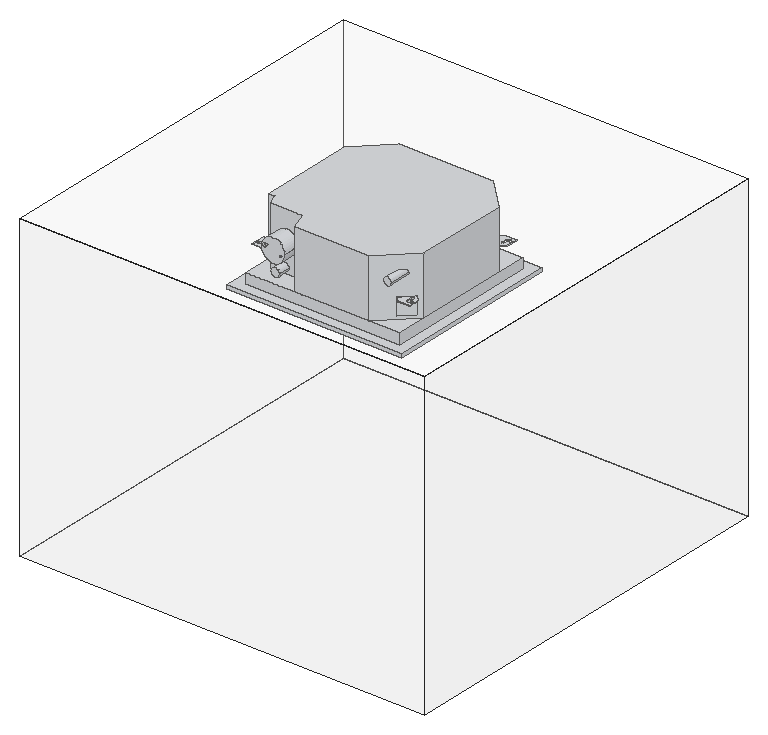
Revit family "pl-rp28_80ga4_50Hz", category 機械設備, Revit 2019
Family settings
  丸型コネクタ寸法 = 直径を使用
  パーツ タイプ = 標準
  OmniClass 番号 = 23.75.10.24.21.27.27
  OmniClass タイトル = Split System Air Conditioning Units
  作業面ベース = いいえ
  常に垂直 = はい
  ロード時にボイドで切り取り = いいえ
  共有 = いいえ
  部屋計算ポイント = はい
Parameters (values of type "天井4方向_PL-RP71GA4")
  風量（静）（m3／min） = 11
  風量（強）（m3／min） = 15
  風量（弱）（m3／min） = 12
  風量（中）（m3／min） = 13.5
  風量 = MAX風量  # 900.0 m³/h
  音響パワーレベル（弱）(dB) = 53
  音響パワーレベル（中2）(dB) = 54
  音響パワーレベル（中1）(dB) = 56
  音響パワーレベル(dB) = 58
  電源種別 = ""
  電源_H = 0 mm
  電圧_電気ヒーター = 0 V
  電圧 = 200 V
  電動機出力_送風機 = 0.05 kW
  運転質量 = 0.00 kg
  連動 = ""
  質量 = if(製品質量 > 運転質量, 製品質量, 運転質量) * 1.2  # 24.72 kg
  負荷分類 = 3_ファン類
  構成品番 = "PL-RP71GA"
  ドレン管径 (外径) = 32 mm
  ドレン管径 = 25 mm
  サービススペース = yes
  URL = "https://www.mitsubishielectric.co.jp/ldg/wink/ssl/displayProduct.do?pid=323677"
  説明 = "店舗・事務所用パッケージエアコン(Mr.SLIM) [本体]4方向天井カセット形<コンパクトタイプ>"
  設計暖房能力 = 0.00 kW
  設計冷房能力_顕熱 = 0 kW
  設計冷房能力 = 0 kW
  設置方法 = "カセット形"
  記号 = ""
  製造元 = "三菱電機株式会社"
  製品質量 = 20.60 kg
  製品出荷対象 = "国内"
  製品リリース年月 = "2022/10/11"
  製品グループ = ""
  系統 = ""
  符号 = "PAC-CK4"
  積算_科目 = "1 空気調和設備"
  積算_拾い区分 [instance] = ""
  相 = 1
  盤記号 = ""
  発停方法 = "付属スイッチ"
  特殊仕様 = ""
  火災停止 = ""
  消費電力_電気ヒーター = 0.00 kW
  消費電力_暖房 = 0.04 kW
  消費電力_加湿器 = 0.00 kW
  消費電力_冷房 = 0.04 kW
  消費電力 = if(消費電力_冷房 > 消費電力_暖房, 消費電力_冷房, 消費電力_暖房) + 消費電力_加湿器 + 消費電力_電気ヒーター  # 0.04 kW
  法定耐用年数 = "6"
  極数 = 1
  材質 = ""
  本体マテリアル = none
  有効加湿量 = 0
  暖房能力 = 7.00 kW
  推奨ブレーカー容量 = 0 A
  形式_加湿器 = ""
  形式 = "カセット形（4方向吹出形）"
  幹線記号 = ""
  始動方式 = "直入"
  呼称 = "パッケージ形空気調和機_室内機"
  周波数 = 50 Hz
  吊り位置Y = 507 mm
  吊り位置X = 640 mm
  吊りボルト_H = 134 mm
  台数_手元リモコン = ""
  台数_冷媒分岐ユニット = ""
  参照している仕様書等のバージョン = "公共建築工事標準仕様書（機械設備工事編）平成31年度版"
  加湿給水管径 = 0 mm
  分類コード = "50053003123030"
  分類グループ = ""
  冷房能力 = 6.3 kW
  冷媒高低圧ガス管径 = 0 mm
  冷媒管径符号 = "Bd"
  冷媒管径 = 100 mm
  冷媒液管高さ = 159 mm
  冷媒液管長さ = 75 mm
  冷媒液管径 = 9.5 mm
  冷媒ガス管高さ = 183 mm
  冷媒ガス管長さ = 80 mm
  冷媒ガス管径 = 15.9 mm
  企業コード = "108420"
  付属品_フィルター = ""
  付属品 = ""
  仕様書バージョン = "Version1.0"
  Model = ""
  パネルマテリアル = none
  ドレン管高さ = 227 mm
  コメント [instance] = ""
  ケーブル種類 = ""
  ケーブルサイズ = 0 mm
  Width = 670 mm
  Version = ""
  Uniclass2015Version = "Systems v1.9"
  Uniclass2015Title = "Split coil remote air cooled condensing units"
  Uniclass2015Code = "Pr_70_65_03_84"
  SpecificationReference = ""
  SpecificationDescription = ""
  Revision = ""
  ProductInformation = ""
  Panel Width = 760 mm
  Panel Height = 15 mm
  Panel Depth = 760 mm
  OmniClassCode = "23-33 17 13 11"
  MIN風量 = 風量（静）（m3／min） * 60.0 m³/h  # 660.0 m³/h
  MID風量2 = 風量（弱）（m3／min） * 60.0 m³/h  # 720.0 m³/h
  MID風量 = 風量（中）（m3／min） * 60.0 m³/h  # 810.0 m³/h
  MAX風量 = 風量（強）（m3／min） * 60.0 m³/h  # 900.0 m³/h
  IfcTypeProduct = ""
  IfcProduct = ""
  IfcExportType = "AIRCONDITIONINGUNIT"
  IfcExportAs = "IfcUnitaryEquipmentType"
  Height = 298 mm
  Depth = 670 mm
  価格 = 319000
  Clearance Top = 305 mm
  Clearance Right = 500 mm
  Clearance Left = 500 mm
  Clearance Front = 500 mm
  Clearance Bottom = 1000 mm
  Clearance Back = 500 mm
  Author = "三菱電機株式会社"
Types (8, lengths in mm): name | 風量（静）（m3／min） | 風量（強）（m3／min） | 風量（弱）（m3／min） | 風量（中）（m3／min） | 風量 | 音響パワーレベル（弱）(dB) | 音響パワーレベル（中2）(dB) | 音響パワーレベル（中1）(dB) | 音響パワーレベル(dB) | 構成品番 | URL | 消費電力_暖房 | 消費電力_冷房 | 消費電力 | 暖房能力 | 冷房能力 | 冷媒管径符号 | 冷媒液管長さ | 冷媒液管径 | 冷媒ガス管長さ | 冷媒ガス管径 | MIN風量 | MID風量2 | MID風量 | MAX風量 | 価格
  天井4方向_PL-RP28GA4 | 6.3 | 8.7 | 7.1 | 7.8 | 522.0 m³/h | 47 | 48 | 49 | 50 | "PL-RP28GA" | "https://www.mitsubishielectric.co.jp/ldg/wink/ssl/displayProduct.do?pid=323647" | 0.03 kW | 0.03 kW | 0.03 kW | 2.80 kW | 2.5 kW | "Ac" | 71 | 6.4 | 76 | 12.7 | 378.0 m³/h | 426.0 m³/h | 468.0 m³/h | 522.0 m³/h | 269000
  天井4方向_PL-RP40GA4 | 8.5 | 12 | 9 | 9.5 | 720.0 m³/h | 48 | 49 | 51 | 53 | "PL-RP40GA" | "https://www.mitsubishielectric.co.jp/ldg/wink/ssl/displayProduct.do?pid=323673" | 0.03 kW | 0.03 kW | 0.03 kW | 4.00 kW | 3.6 kW | "Ac" | 71 | 6.4 | 76 | 12.7 | 510.0 m³/h | 540.0 m³/h | 570.0 m³/h | 720.0 m³/h | 277000
  天井4方向_PL-RP45GA4 | 8.5 | 12 | 9 | 9.5 | 720.0 m³/h | 48 | 49 | 51 | 53 | "PL-RP45GA" | "https://www.mitsubishielectric.co.jp/ldg/wink/ssl/displayProduct.do?pid=323674" | 0.03 kW | 0.03 kW | 0.03 kW | 4.50 kW | 4 kW | "Ac" | 71 | 6.4 | 76 | 12.7 | 510.0 m³/h | 540.0 m³/h | 570.0 m³/h | 720.0 m³/h | 280000
  天井4方向_PL-RP50GA4 | 9.5 | 12.5 | 10 | 12 | 750.0 m³/h | 49 | 50 | 53 | 54 | "PL-RP50GA" | "https://www.mitsubishielectric.co.jp/ldg/wink/ssl/displayProduct.do?pid=323675" | 0.03 kW | 0.03 kW | 0.03 kW | 5.00 kW | 4.5 kW | "Ac" | 71 | 6.4 | 76 | 12.7 | 570.0 m³/h | 600.0 m³/h | 720.0 m³/h | 750.0 m³/h | 290000
  天井4方向_PL-RP56GA4 | 9.5 | 14 | 10 | 12.5 | 840.0 m³/h | 49 | 50 | 54 | 56 | "PL-RP56GA" | "https://www.mitsubishielectric.co.jp/ldg/wink/ssl/displayProduct.do?pid=323676" | 0.03 kW | 0.03 kW | 0.03 kW | 5.60 kW | 5 kW | "Ac" | 71 | 6.4 | 76 | 12.7 | 570.0 m³/h | 600.0 m³/h | 750.0 m³/h | 840.0 m³/h | 312000
  天井4方向_PL-RP63GA4 | 10 | 14.5 | 11.5 | 13 | 870.0 m³/h | 50 | 53 | 55 | 57 | "PL-RP63GA" | "https://www.mitsubishielectric.co.jp/ldg/wink/ssl/displayProduct.do?pid=323648" | 0.04 kW | 0.04 kW | 0.04 kW | 6.30 kW | 5.6 kW | "Ac" | 71 | 6.4 | 76 | 12.7 | 600.0 m³/h | 690.0 m³/h | 780.0 m³/h | 870.0 m³/h | 314000
  天井4方向_PL-RP71GA4 | 11 | 15 | 12 | 13.5 | 900.0 m³/h | 53 | 54 | 56 | 58 | "PL-RP71GA" | "https://www.mitsubishielectric.co.jp/ldg/wink/ssl/displayProduct.do?pid=323677" | 0.04 kW | 0.04 kW | 0.04 kW | 7.00 kW | 6.3 kW | "Bd" | 75 | 9.5 | 80 | 15.9 | 660.0 m³/h | 720.0 m³/h | 810.0 m³/h | 900.0 m³/h | 319000
  天井4方向_PL-RP80GA4 | 11 | 15 | 12 | 13.5 | 900.0 m³/h | 53 | 54 | 56 | 58 | "PL-RP80GA" | "https://www.mitsubishielectric.co.jp/ldg/wink/ssl/displayProduct.do?pid=323678" | 0.04 kW | 0.04 kW | 0.04 kW | 8.00 kW | 7.1 kW | "Bd" | 75 | 9.5 | 80 | 15.9 | 660.0 m³/h | 720.0 m³/h | 810.0 m³/h | 900.0 m³/h | 345000
Reference planes
  plane 1 "中心(正面/背面)": y = 0
  plane 2: z = 0
  plane 3 "中心(左/右)": x = 0
  plane 4: x = -380
  plane 5: x = 380
  plane 6: y = 380
  plane 7: y = -380
  plane 8: z = 298
  plane 9: z = 305
  plane 10: x = -320
  plane 11: x = 320
  plane 12: y = 253.5
  plane 13: y = -253.5
  plane 14: z = 46
  plane 15: y = 335
  plane 16: y = -335
  plane 17: x = -335
  plane 18: x = 335
  plane 19: x = -880
  plane 20: x = 880
  plane 21: y = 880
  plane 22: y = -880
  plane 23: z = 298
  plane 24: z = -15
  plane 25: z = -1015
  plane 26: z = 305
  plane 27 "冷媒管基準面": y = -255
  plane 28: x = -186
  plane 29: z = 159
  plane 30: y = -335
  plane 31: y = -330
Forms (mm)
  Extrusion 1, solid, detail levels fine
    sketch origin (0, -255, 15) x (1, 0, 0) y (0, 0, 1)
      loop
        circle (-186, 144) r 3.175
    from 0 to 75
  Extrusion 2, solid, detail levels fine
    sketch origin (-67, -255, 39) x (1, 0, 0) y (0, 0, 1)
      loop
        circle (-186, 144) r 6.35
    from 0 to 80
Dimensions and locks
  equal spacing: plane 4, plane 3 "中心(左/右)", plane 5
  plane 4 to plane 5 = 760 mm
  equal spacing: plane 7, plane 1 "中心(正面/背面)", plane 6
  plane 7 to plane 6 = 760 mm
  locked: plane 12 to plane 6 at 126.5
  plane 7 to plane 13 = 126.5 mm
  plane 4 to plane 10 = 60 mm
  locked: plane 11 to plane 5 at 60
  "吊り位置X": plane 10 to plane 11
  equal spacing: plane 10, plane 3 "中心(左/右)", plane 11
  equal spacing: plane 13, plane 1 "中心(正面/背面)", plane 12
  "吊り位置Y": plane 13 to plane 12
  equal spacing: plane 16, plane 1 "中心(正面/背面)", plane 15
  "Depth": plane 16 to plane 15
  equal spacing: plane 17, plane 3 "中心(左/右)", plane 18
  "Width": plane 17 to plane 18
  locked: plane 14 to level at 46
  "Clearance Left": plane 19 to plane 4
  "Clearance Right": plane 5 to plane 20
  "Clearance Back": plane 6 to plane 21
  locked: level to plane 24 at 15
  "Clearance Bottom": plane 24 to plane 25
  "Clearance Front": plane 22 to plane 7
  "Clearance Top": plane 26 to plane 2
  "Height": level to nested 3
  plane 29 to plane 2 = 159 mm
  nested 3 to level = 134 mm
  "冷媒液管長さ": plane 31 to plane 27 "冷媒管基準面"
  "冷媒ガス管長さ": plane 30 to plane 27 "冷媒管基準面"
  aligned and locked: level to plane 2
  aligned and locked: plane 10 to nested 2
  aligned and locked: plane 11 to nested 2
  aligned and locked: nested 2 to plane 12
  aligned and locked: plane 13 to nested 2
  aligned and locked: plane 19 to nested 1
  aligned and locked: plane 20 to nested 1
  aligned and locked: plane 22 to nested 1
  aligned and locked: plane 21 to nested 1
  aligned and locked: plane 25 to nested 1
  aligned and locked: plane 5 to nested 3
  aligned and locked: plane 15 to nested 3
  aligned and locked: plane 6 to nested 3
  aligned and locked: plane 7 to nested 3
  aligned and locked: plane 26 to nested 1
  aligned and locked: plane 31 to Extrusion 1
  aligned and locked: plane 30 to Extrusion 2
Automatic sketch dimensions
  Extrusion 1 sketch curve to plane 28 = 0 mm
  Extrusion 1 sketch curve to plane 29 = 0 mm
  plane 29 to Extrusion 2 sketch curve = 24 mm
  plane 10 to Extrusion 2 sketch curve = 67 mm
  radius of Extrusion 1 sketch curve = 3.175 mm
  radius of Extrusion 2 sketch curve = 6.35 mm
Nested families
  nested 1: "サービススペース" at (0, 0, -355), visible <- "サービススペース", type "サービススペース"
    with Width 1760 mm, Height 1320 mm, Depth 1760 mm
  nested 2: "固定点" at (-320, -253.5, 0), type "固定点"
    with W 640 mm, D 507 mm
  nested 3: "PL-RP○○GA3" at (0, 0, 0), type "PL-RP○○GA3"
    with ユニット表示 yes, 液配管サイズ 9.5 mm, 冷媒液管径-Y 75 mm, 冷媒ガス管径-Y 80 mm, ガス配管サイズ 15.9 mm
Connectors
  piping at (-219.5, -330, 171), diameter 100, driven by "冷媒管径", driven by "冷媒管径符号"
    settings: on nested 3, index 1, connector inside diameter 609.6 mm, connector length 0 mm, flow factor 0, pipe flow 0.0 L/s, pressure drop 0.0 Pa, fitting loss kfactor 0, connector angle 0.00°, fixture units 0, engagement length 0 mm, angle of deflection 0.00°, flow configuration 1, flow direction 1, fitting loss method 4, system type 7, joint type 0, gender type 0, connector reference index -1, connector utility 0, adjustable connector no, is connector primary yes, connector description "Bd"
  piping at (281, -332, 227), diameter 25, driven by "ドレン管径"
    settings: on nested 3, index 2, connector inside diameter 609.6 mm, connector length 0 mm, flow factor 0, pipe flow 0.0 L/s, pressure drop 0.0 Pa, fitting loss kfactor 0, connector angle 0.00°, fixture units 0, engagement length 0 mm, angle of deflection 0.00°, flow configuration 1, flow direction 2, fitting loss method 4, system type 16, joint type 0, gender type 0, connector reference index -1, connector utility 0, adjustable connector no, is connector primary no, connector description ""
  electrical at (-230, -305, 70), driven by "極数", driven by "負荷分類", driven by "電圧", driven by "消費電力"
    settings: on nested 3, index 3, voltage 200 V, apparent load 40 VA, apparent load phase1 0 VA, apparent load phase2 0 VA, apparent load phase3 0 VA, power factor 1, load classification "3_ファン類", number of poles 1, system type 30, power factor state 1, is connector primary yes, connector utility no, sub classification motor no, connector description ""
Definition of nested family "サービススペース"
  Parameters (values of type "サービススペース")
    Width [instance] = 500 mm
    Height [instance] = 500 mm
    Depth [instance] = 500 mm
  Reference planes
    plane 1 "中心(正面/背面)": y = 0
    plane 2: z = 0
    plane 3 "中心(左/右)": x = 0
    plane 4: y = -250
    plane 5: x = 250
    plane 6: y = 250
    plane 7: x = -250
    plane 8: z = 250
    plane 9: z = -250
  Forms (mm)
    Extrusion 1, solid
      sketch origin (-638.939, 0, 72.39) x (1, 0, 0) y (0, 1, 0)
        loop
          line (388.939, 250) -> (388.939, -250) -> (888.939, -250) -> (888.939, 250) -> (388.939, 250)
      from -322.39 to 177.61
  Lines and regions (mm)
    symbolic lines
      curve 1: line (-250, 0, 250) -> (250, 0, 250)
      curve 2: line (-250, 0, -250) -> (-250, 0, 250)
      curve 3: line (250, 0, -250) -> (-250, 0, -250)
      curve 4: line (250, 0, 250) -> (250, 0, -250)
      curve 5: line (0, -250, 250) -> (0, 250, 250)
      curve 6: line (0, -250, -250) -> (0, -250, 250)
      curve 7: line (0, 250, -250) -> (0, -250, -250)
      curve 8: line (0, 250, 250) -> (0, 250, -250)
      curve 9: line (-250, 250, 0) -> (250, 250, 0)
      curve 10: line (-250, -250, 0) -> (-250, 250, 0)
      curve 11: line (250, -250, 0) -> (-250, -250, 0)
      curve 12: line (250, 250, 0) -> (250, -250, 0)
  Dimensions and locks
    equal spacing: plane 7, plane 3 "中心(左/右)", plane 5
    equal spacing: plane 4, plane 1 "中心(正面/背面)", plane 6
    "Depth": plane 4 to plane 6
    "Width": plane 7 to plane 5
    equal spacing: plane 8, plane 2, plane 9
    "Height": plane 8 to plane 9
    aligned and locked: plane 9 to curve 3
    aligned and locked: plane 7 to curve 2
    aligned and locked: curve 4 to plane 5
    aligned and locked: plane 5 to Extrusion 1
    aligned and locked: Extrusion 1 to plane 7
    aligned and locked: Extrusion 1 to plane 9
    aligned and locked: plane 8 to Extrusion 1
    aligned and locked: plane 9 to curve 7
  Automatic sketch dimensions
    plane 4 to Extrusion 1 sketch curve = 0 mm
    Extrusion 1 sketch curve to plane 7 = 0 mm
    Extrusion 1 sketch curve to plane 5 = 0 mm
    plane 6 to Extrusion 1 sketch curve = 0 mm
    curve 2 to plane 8 = 0 mm
    plane 4 to curve 11 = 0 mm
    curve 11 to plane 7 = 0 mm
    curve 11 to plane 5 = 0 mm
    plane 6 to curve 10 = 0 mm
    curve 7 to plane 4 = 0 mm
    curve 7 to plane 6 = 0 mm
    curve 6 to plane 8 = 0 mm
Definition of nested family "PL-RP○○GA3"
  Parameters (values of type "PL-RP○○GA3")
    配線取出口サイズ = 36 mm
    配線取出口-Z = 70 mm
    配線取出口-Y = 50 mm
    配線取出口-X = 230 mm
    液配管サイズ = 6.4 mm
    A = 幅さ + 90 mm  # 760 mm
    高さ = 298 mm
    奥行き = 670 mm
    吊りボルト_H = 134 mm
    冷媒配管 = 100 mm
    冷媒液管径-Z = 159 mm
    冷媒液管径-Y = 71 mm
    冷媒液管径-X = 186 mm
    冷媒ガス管径-Z = 183 mm
    冷媒ガス管径-Y = 76 mm
    冷媒ガス管径-X = 253 mm
    ユニット表示 [instance] = yes
    ボルトピッチ = 507 mm
    ドレン配管サイズ = 32 mm
    ドレン管径-Z = 227 mm
    ドレン管径-Y = 77 mm
    ドレン管径-X = 281 mm
    ガス配管サイズ = 12.7 mm
    D = 幅さ - 30 mm  # 640 mm
    幅さ = 670 mm
    B = 幅さ + 40 mm  # 710 mm
  Reference planes
    plane 1 "中心(正面/背面)": y = 0
    plane 2: z = 0
    plane 3 "中心(左/右)": x = 0
    plane 4: x = -355
    plane 5: x = 355
    plane 6: x = -335
    plane 7: x = 335
    plane 8: x = -320
    plane 9: x = 320
    plane 10: y = 253.5
    plane 11: y = -253.5
    plane 12: y = 335
    plane 13: y = -335
    plane 14: x = -380
    plane 15: x = 380
    plane 16: z = -15
    plane 17: z = 46
    plane 18: z = 298
    plane 19: z = 134
    plane 20: z = 136
    plane 21: z = 227
    plane 22: z = 159
    plane 23: z = 183
    plane 24: z = 60
    plane 25: y = 380
    plane 26: y = -380
    plane 27: x = -253
    plane 28: x = -150
    plane 29: x = -123
    plane 30: x = -186
    plane 31: x = 281
    plane 32: x = 202
    plane 33: y = -255
    plane 34: y = -207
    plane 35: y = -331
    plane 36: y = -326
    plane 37 "ドレン管接続口": y = -332
    plane 38: y = -202
    plane 39: y = 291.5
    plane 40: y = 275.5
    plane 41: y = 263.5
    plane 42: x = -326
    plane 43: x = -314
    plane 44: x = -343
    plane 45: x = 314
    plane 46: x = 326
    plane 47: x = 343
    plane 48: y = -291.5
    plane 49: y = -275.5
    plane 50: y = -263.5
    plane 51: x = -230
    plane 52: y = 202
    plane 53: x = -202
    plane 54: z = 70
    plane 55: y = -305
  Forms (mm)
    Extrusion 1, solid, visible <- "ユニット表示"
      sketch origin (0, 0, 0) x (1, 0, 0) y (0, 1, 0)
        loop
          line (-380, 380) -> (-380, -380) -> (380, -380) -> (380, 380) -> (-380, 380)
      from -15 to 0
    Extrusion 2, solid, visible <- "ユニット表示", detail levels fine
      sketch origin (0, 0, 0) x (1, 0, 0) y (0, 1, 0)
        loop
          line (-203.39, 335) -> (-335, 203.39) -> (-335, -207) -> (-309.258, -207) -> (-288.883, -255) -> (-150, -255) -> (-123.033, -335) -> (202, -335) -> (335, -202) -> (335, 203.39) -> (203.39, 335) -> (-203.39, 335)
      from 46 to 298
    Extrusion 3, solid, visible <- "ユニット表示", detail levels fine
      sketch origin (0, 0, 0) x (1, 0, 0) y (0, 1, 0)
        loop
          line (335, 335) -> (-335, 335) -> (-335, -335) -> (335, -335) -> (335, 335)
      from 0 to 46
    Extrusion 4, solid, visible <- "ユニット表示", detail levels fine
      sketch origin (0, 0, 0) x (1, 0, 0) y (0, 0, 1)
        loop
          circle (-219.5, 171) r 50
      from 255 to 326
    Extrusion 5, solid, visible <- "ユニット表示", detail levels fine
      sketch origin (0, 0, 0) x (1, 0, 0) y (0, 1, 0)
        loop
          line (-343, -291.5) -> (-300.314, -291.5) -> (-290.686, -250.751) -> (-306.998, -212.324) -> (-343, -227.606) -> (-343, -263.5) -> (-329, -263.5)
          arc (-329, -263.5) -> (-326.879, -262.621) -> (-326, -260.5) r 3
          line (-326, -260.5) -> (-326, -249.5)
          arc (-326, -249.5) -> (-320, -243.5) -> (-314, -249.5) r 6
          line (-314, -249.5) -> (-314, -269.478)
          arc (-314, -269.478) -> (-315.757, -273.721) -> (-320, -275.5) r 6
          line (-320, -275.5) -> (-343, -275.5) -> (-343, -291.5)
        loop
          line (-343, 275.5) -> (-320, 275.5)
          arc (-320, 275.5) -> (-315.757, 273.743) -> (-314, 269.5) r 6
          line (-314, 269.5) -> (-314, 249.5)
          arc (-314, 249.5) -> (-320, 243.5) -> (-326, 249.5) r 6
          line (-326, 249.5) -> (-326, 260.5)
          arc (-326, 260.5) -> (-326.879, 262.621) -> (-329, 263.5) r 3
          line (-329, 263.5) -> (-343, 263.5) -> (-343, 244.959) -> (-318.215, 220.175) -> (-270.214, 268.176) -> (-293.539, 291.5) -> (-343, 291.5) -> (-343, 275.5)
        loop
          line (343, 291.5) -> (293.539, 291.5) -> (270.214, 268.176) -> (318.215, 220.175) -> (343, 244.959) -> (343, 263.5) -> (329, 263.5)
          arc (329, 263.5) -> (326.879, 262.621) -> (326, 260.5) r 3
          line (326, 260.5) -> (326, 249.5)
          arc (326, 249.5) -> (320, 243.5) -> (314, 249.5) r 6
          line (314, 249.5) -> (314, 269.5)
          arc (314, 269.5) -> (315.757, 273.743) -> (320, 275.5) r 6
          line (320, 275.5) -> (343, 275.5) -> (343, 291.5)
        loop
          line (293.539, -291.5) -> (343, -291.5) -> (343, -275.5) -> (320, -275.5)
          arc (320, -275.5) -> (315.757, -273.743) -> (314, -269.5) r 6
          line (314, -269.5) -> (314, -249.5)
          arc (314, -249.5) -> (320, -243.5) -> (326, -249.5) r 6
          line (326, -249.5) -> (326, -260.5)
          arc (326, -260.5) -> (326.879, -262.621) -> (329, -263.5) r 3
          line (329, -263.5) -> (343, -263.5) -> (343, -244.959) -> (317.52, -219.48) -> (269.519, -267.481) -> (293.539, -291.5)
      from 134 to 136
    Extrusion 6, solid, visible <- "ユニット表示", detail levels fine
      sketch origin (0, 0, 0) x (1, 0, 0) y (0, 1, 0)
        loop
          line (-306.998, -212.324) -> (-308.839, -213.105) -> (-291.463, -254.04) -> (-289.622, -253.258) -> (-306.998, -212.324)
        loop
          line (-271.629, 269.59) -> (-319.63, 221.589) -> (-318.245, 220.204) -> (-270.244, 268.205) -> (-271.629, 269.59)
        loop
          line (271.629, 269.59) -> (270.244, 268.205) -> (318.245, 220.204) -> (319.63, 221.589) -> (271.629, 269.59)
        loop
          line (270.934, -268.895) -> (318.935, -220.894) -> (317.52, -219.48) -> (269.519, -267.481) -> (270.934, -268.895)
      from 60 to 136
    Extrusion 7, solid, visible <- "ユニット表示", detail levels fine
      sketch origin (0, 0, 0) x (1, 0, 0) y (0, 0, 1)
        loop
          circle (-230, 70) r 18
      from 255 to 305
    Extrusion 8, solid, detail levels fine
      sketch origin (0, -332, 0) x (-1, 0, 0) y (0, 0, 1)
        loop
          circle (-281, 227) r 16
      from 0 to 100
  Cuts and joins
    joined: Extrusion 5, Extrusion 6
  Dimensions and locks
    equal spacing: plane 4, plane 3 "中心(左/右)", plane 5
    "B": plane 4 to plane 5
    equal spacing: plane 6, plane 3 "中心(左/右)", plane 7
    "幅さ": plane 6 to plane 7
    equal spacing: plane 8, plane 3 "中心(左/右)", plane 9
    "D": plane 8 to plane 9
    equal spacing: plane 11, plane 1 "中心(正面/背面)", plane 10
    "ボルトピッチ": plane 10 to plane 11
    equal spacing: plane 12, plane 1 "中心(正面/背面)", plane 13
    "奥行き": plane 12 to plane 13
    "A": plane 14 to plane 15
    equal spacing: plane 14, plane 3 "中心(左/右)", plane 15
    locked: plane 2 to plane 16 at 15
    locked: plane 17 to plane 2 at 46
    "吊りボルト_H": plane 19 to level
    locked: plane 20 to plane 19 at 2
    "ドレン管径-Z": plane 21 to level
    "冷媒液管径-Z": plane 22 to level
    "冷媒ガス管径-Z": plane 23 to level
    plane 24 to level = 60 mm
    equal spacing: plane 25, plane 1 "中心(正面/背面)", plane 26
    "A": plane 25 to plane 26
    locked: plane 6 to plane 28 at 185
    locked: plane 6 to plane 29 at 212
    locked: plane 32 to plane 7 at 133
    "冷媒ガス管径-X": plane 27 to plane 3 "中心(左/右)"
    "冷媒液管径-X": plane 30 to plane 3 "中心(左/右)"
    "ドレン管径-X": plane 3 "中心(左/右)" to plane 31
    locked: plane 33 to plane 13 at 80
    locked: plane 34 to plane 13 at 128
    "冷媒ガス管径-Y": plane 33 to plane 35
    "冷媒液管径-Y": plane 33 to plane 36
    "ドレン管径-Y": plane 33 to plane 37 "ドレン管接続口"
    locked: plane 38 to plane 13 at 133
    equal spacing: plane 30, Extrusion 4 sketch curve, plane 27
    equal spacing: plane 23, Extrusion 4 sketch curve, plane 22
    locked: plane 44 to plane 8 at 23
    plane 42 to plane 8 to plane 43 = 6 mm locked, 6 mm locked
    locked: plane 9 to plane 47 at 23
    plane 45 to plane 9 to plane 46 = 6 mm locked, 6 mm locked
    plane 11 to plane 50 to plane 49 to plane 48 = 10 mm locked, 12 mm locked, 16 mm locked
    plane 39 to plane 40 to plane 41 to plane 10 = 16 mm locked, 12 mm locked, 10 mm locked
    locked: Extrusion 5 sketch curve to plane 11 at 4  (x2)
    locked: plane 10 to Extrusion 5 sketch curve at 4  (x2)
    "配線取出口-X": plane 51 to plane 3 "中心(左/右)"
    "配線取出口-Z": plane 54 to level
    "配線取出口-Y": plane 33 to plane 55
    locked: cut or joined group of Extrusion 5, Extrusion 6 to Extrusion 6 sketch curve at 2
    locked: Extrusion 6 sketch curve to Extrusion 2 at 2  (x3)
    "高さ": plane 18 to level
    "冷媒配管": diameter of Extrusion 4 sketch curve
    radius of Extrusion 5 sketch curve = 6 mm  (x8)
    radius of Extrusion 5 sketch curve = 3 mm  (x4)
    "配線取出口サイズ": diameter of Extrusion 7 sketch curve
    aligned and locked: level to plane 2
    aligned and locked: Extrusion 1 sketch curve to plane 25
    aligned and locked: plane 14 to Extrusion 1 sketch curve
    aligned and locked: plane 26 to Extrusion 1 sketch curve
    aligned and locked: Extrusion 1 sketch curve to plane 15
    aligned and locked: level to Extrusion 1
    aligned and locked: Extrusion 1 to plane 16
    aligned and locked: plane 18 to Extrusion 2
    aligned and locked: Extrusion 2 to plane 17
    aligned and locked: Extrusion 3 sketch curve to plane 7
    aligned and locked: Extrusion 3 sketch curve to plane 13
    aligned and locked: Extrusion 3 sketch curve to plane 6
    aligned and locked: Extrusion 3 sketch curve to plane 12
    aligned and locked: Extrusion 3 to level
    aligned and locked: plane 17 to Extrusion 3
    aligned and locked: plane 28 to Extrusion 2 sketch curve
    aligned and locked: plane 34 to Extrusion 2 sketch curve
    aligned and locked: Extrusion 2 sketch curve to plane 13
    aligned and locked: Extrusion 2 sketch curve to plane 7
    aligned and locked: Extrusion 2 sketch curve to plane 12
    aligned and locked: Extrusion 2 sketch curve to plane 6
    aligned and locked: plane 7 to Extrusion 2 sketch curve
    aligned and locked: plane 38 to Extrusion 2 sketch curve
    aligned and locked: plane 32 to Extrusion 2 sketch curve
    aligned and locked: plane 13 to Extrusion 2 sketch curve
    aligned and locked: plane 44 to Extrusion 5 sketch curve  (x2)
    aligned and locked: Extrusion 5 sketch curve to plane 50
    aligned and locked: plane 49 to Extrusion 5 sketch curve
    aligned and locked: Extrusion 5 sketch curve to plane 48
    aligned and locked: plane 43 to Extrusion 5 sketch curve
    aligned and locked: plane 42 to Extrusion 5 sketch curve  (x2)
    aligned and locked: Extrusion 6 to plane 24
    aligned and locked: plane 20 to Extrusion 6
    aligned and locked: plane 39 to Extrusion 5 sketch curve  (x2)
    aligned and locked: Extrusion 5 sketch curve to plane 44  (x2)
    aligned and locked: plane 41 to Extrusion 5 sketch curve  (x2)
    aligned and locked: Extrusion 5 sketch curve to plane 40  (x2)
    aligned and locked: Extrusion 5 sketch curve to plane 43
    aligned and locked: Extrusion 5 sketch curve to Extrusion 2  (x3)
    aligned and locked: plane 47 to Extrusion 5 sketch curve  (x4)
    aligned and locked: plane 45 to Extrusion 5 sketch curve  (x2)
    aligned and locked: Extrusion 5 sketch curve to plane 46  (x2)
    aligned and locked: plane 50 to Extrusion 5 sketch curve
    aligned and locked: plane 48 to Extrusion 5 sketch curve
    aligned and locked: Extrusion 5 sketch curve to plane 49
    aligned and locked: plane 51 to Extrusion 7 sketch curve
    aligned and locked: plane 54 to Extrusion 7 sketch curve
    aligned and locked: Extrusion 7 to Extrusion 2
    aligned and locked: plane 55 to Extrusion 7
    aligned and locked: cut or joined group of Extrusion 5, Extrusion 6 to cut or joined group of Extrusion 5, Extrusion 6  (x2)
    aligned and locked: Extrusion 6 sketch curve to cut or joined group of Extrusion 5, Extrusion 6  (x3)
    aligned and locked: cut or joined group of Extrusion 5, Extrusion 6 to Extrusion 6 sketch curve  (x2)
    aligned and locked: Extrusion 2 to Extrusion 6 sketch curve
    aligned and locked: cut or joined group of Extrusion 5, Extrusion 6 to plane 19
    aligned and locked: plane 20 to cut or joined group of Extrusion 5, Extrusion 6
    aligned and locked: Extrusion 4 to plane 36
  Automatic sketch dimensions
    Extrusion 2 sketch curve to plane 33 = 0 mm
    plane 43 to Extrusion 2 sketch curve = 4.742 mm
    plane 43 to Extrusion 2 sketch curve = 25.117 mm
    Extrusion 2 sketch curve to plane 30 = 17.39 mm
    Extrusion 2 sketch curve to plane 29 = 0.033 mm
    plane 32 to Extrusion 2 sketch curve = 1.39 mm
    Extrusion 2 sketch curve to plane 10 = 50.11 mm  (x2)
    Extrusion 5 sketch curve to plane 8 = 0 mm
    Extrusion 5 sketch curve to plane 8 = 13.002 mm
    Extrusion 5 sketch curve to plane 43 = 13.686 mm
    plane 50 to Extrusion 5 sketch curve = 12.749 mm
    Extrusion 5 sketch curve to Extrusion 5 sketch curve = 9.627 mm
    Extrusion 5 sketch curve to plane 50 = 5.978 mm
    plane 34 to Extrusion 5 sketch curve = 20.606 mm
    plane 8 to Extrusion 6 sketch curve = 1.755 mm
    Extrusion 6 sketch curve to plane 11 = 0.54 mm
    Extrusion 6 sketch curve to Extrusion 6 sketch curve = 1.385 mm
    Extrusion 6 sketch curve to plane 49 = 6.605 mm
    Extrusion 6 sketch curve to plane 9 = 2.48 mm
    Extrusion 6 sketch curve to Extrusion 6 sketch curve = 1.414 mm
    Extrusion 5 sketch curve to plane 8 = 1.785 mm
    Extrusion 5 sketch curve to plane 41 = 4.676 mm  (x2)
    plane 9 to Extrusion 5 sketch curve = 1.785 mm
    Extrusion 5 sketch curve to plane 50 = 3.981 mm
    plane 9 to Extrusion 5 sketch curve = 2.48 mm
    Extrusion 8 sketch curve to plane 21 = 0 mm
    Extrusion 8 sketch curve to plane 31 = 0 mm
    radius of Extrusion 8 sketch curve = 16 mm
Definition of nested family "固定点"
  Parameters (values of type "固定点")
    中心円 = 20 mm
    W [instance] = 1000 mm
    D [instance] = 1000 mm
  Reference planes
    plane 1 "中心(正面/背面)": y = 0
    plane 2: z = 0
    plane 3 "中心(左/右)": x = 0
    plane 4: x = 1000
    plane 5: y = 1000
  Lines and regions (mm)
    symbolic lines, detail levels fine
      curve 1: circle (0, 1000, 0) r 10 normal (0, 0, 1)
      curve 2: circle (0, 0, 0) r 10 normal (0, 0, 1)
      curve 3: circle (1000, 1000, 0) r 10 normal (0, 0, 1)
      curve 4: circle (1000, 0, 0) r 10 normal (0, 0, 1)
      curve 5: line (-200, 1000, 0) -> (1200, 1000, 0)
      curve 6: line (-200, 0, 0) -> (1200, 0, 0)
      curve 7: line (0, 1200, 0) -> (0, -200, 0)
      curve 8: line (1000, 1200, 0) -> (1000, -200, 0)
  Dimensions and locks
    "W": plane 3 "中心(左/右)" to plane 4
    "D": plane 1 "中心(正面/背面)" to plane 5
    "中心円": diameter of curve 1
    "中心円": diameter of curve 2
    "中心円": diameter of curve 3
    "中心円": diameter of curve 4
    aligned and locked: level to plane 2
    aligned and locked: plane 5 to curve 1
    aligned and locked: plane 3 "中心(左/右)" to curve 1
    aligned and locked: plane 3 "中心(左/右)" to curve 2
    aligned and locked: plane 1 "中心(正面/背面)" to curve 2
    aligned and locked: plane 4 to curve 3
    aligned and locked: plane 5 to curve 3
    aligned and locked: plane 1 "中心(正面/背面)" to curve 4
    aligned and locked: plane 4 to curve 4
    aligned and locked: plane 1 "中心(正面/背面)" to curve 6
    aligned and locked: curve 7 to plane 3 "中心(左/右)"
    aligned and locked: curve 8 to plane 4
  Automatic sketch dimensions
    curve 5 to plane 5 = 0 mm
    curve 6 to plane 3 "中心(左/右)" = 200 mm
    curve 5 to plane 3 "中心(左/右)" = 200 mm
    curve 4 to curve 6 = 200 mm
    curve 3 to curve 5 = 200 mm
    plane 1 "中心(正面/背面)" to curve 8 = 200 mm
    plane 1 "中心(正面/背面)" to curve 7 = 200 mm
    curve 3 to curve 8 = 200 mm
    curve 1 to curve 7 = 200 mm
